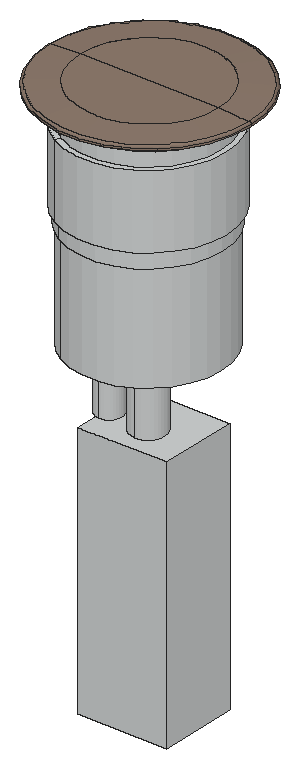
Revit family "Electrical_Equipment-Poke_Through-Hubbell_Wiring-System_One-S1R4", category Electrical Fixtures, host Face, Revit 2015
Parameters (values of type "Standard")
  Voltage = 120 V
  URL = "http://www.hubbell-wiring.com/"
  Sub plate [instance] = S1R4SPQUAD : S1R4SPQUAD
  Product data url = "https://bimobject.com/hubbellwiring/product/systemone-s1r4"
  Product Page URL = "http://ecatalog.hubbell-wiring.com/productinformation/viewcatalog.aspx?Dest=hubbell-wiring.com/press/catalog/P.pdf"
  Power Factor = 1
  Poke Through Cover [instance] = Metal-Hubbell-Bronze
  Number of Poles = 1
  Model = "S1R4PT"
  Manufacturer Phone = "475.882.4800"  # constant formula
  Manufacturer Fax = "203.882.4849"  # constant formula
  Manufacturer = "Hubbell Wiring Device Kellems"  # constant formula
  Hardware Finish = Metal-Hubbell-Aluminum
  Electrical Connector Description = "Power Connector"  # constant formula
  Description = "System One - 4 inch Poke Through"  # constant formula
  Default Elevation = 48.00"
  Conduit Connector 5 Description = "Conduit Connector 5"  # constant formula
  Conduit Connector 4 Description = "Conduit Connector 4"  # constant formula
  Conduit Connector 3 Description = "Conduit Connector 3"  # constant formula
  Conduit Connector 2 Description = "Conduit Connector 2"  # constant formula
  Conduit Connector 1 Description = "Conduit Connector 1"  # constant formula
  Assembly Code = "D5020115"
  Apparent Load = 2400 VA
  Annotation = yes
Reference planes (in)
  plane 1 "Center (Front/Back)": y = 0
  plane 2: z = 0
  plane 3 "Center (Left/Right)": x = 0
  plane 4: z = -3.24443
  plane 5: x = -2.34375
  plane 6: x = 2.13276
  plane 7: x = -2.13276
  plane 8: x = 0.46032
  plane 9: x = -0.46032
  plane 10: y = 2.01613
  plane 11: y = -2.01613
Lines and regions (in)
  symbolic lines
    curve 1: line (2.34375, 0, -0.25) -> (-2.34375, 0, -0.25)
    curve 2: line (2.34375, 0, 0.1513) -> (2.34375, 0, -0.25)
    curve 3: line (-2.34375, 0, 0.1513) -> (2.34375, 0, 0.1513)
    curve 4: line (-2.34375, 0, -0.25) -> (-2.34375, 0, 0.1513)
    curve 5: line (2.13276, 0, -0.25) -> (2.13276, 0, -6.18)
    curve 6: line (2.13276, 0, -6.18) -> (-2.13276, 0, -6.18)
    curve 7: line (-2.13276, 0, -6.18) -> (-2.13276, 0, -0.25)
    curve 11: arc (-2.75, 0.05915, 0) -> (0, 2.80915, 0) -> (2.75, 0.05915, 0) r 2.75
    curve 12: arc (2.75, 0.05915, 0) -> (0, -2.69085, 0) -> (-2.75, 0.05915, 0) r 2.75
    curve 33: line (0, 2.4029, -0.25) -> (0, -2.32151, -0.25)
    curve 34: line (0, 2.4029, 0.1513) -> (0, 2.4029, -0.25)
    curve 35: line (0, -2.32151, 0.1513) -> (0, 2.4029, 0.1513)
    curve 36: line (0, -2.32151, -0.25) -> (0, -2.32151, 0.1513)
    curve 37: line (0, 2.01613, -6.18) -> (0, 2.01613, -0.25)
    curve 38: line (0, -2.01613, -6.18) -> (0, 2.01613, -6.18)
    curve 39: line (0, -2.01613, -0.25) -> (0, -2.01613, -6.18)
  symbolic lines, detail levels medium+fine
    curve 8: line (0.46032, 0, -8.28574) -> (-0.46032, 0, -8.28574)
    curve 9: line (0.46032, 0, -6.18) -> (0.46032, 0, -8.28574)
    curve 10: line (-0.46032, 0, -8.28574) -> (-0.46032, 0, -6.18)
    curve 13: arc (1.88, 0.05915, 0) -> (0, -1.82085, 0) -> (-1.88, 0.05915, 0) r 1.88
    curve 14: arc (-1.88, 0.05915, 0) -> (0, 1.93915, 0) -> (1.88, 0.05915, 0) r 1.88
    curve 40: line (0, 0.96907, -6.18) -> (0, 0.96907, -8.28574)
    curve 41: line (0, 0.96907, -8.28574) -> (0, -0.99943, -8.28574)
    curve 42: line (0, -0.99943, -8.28574) -> (0, -0.99943, -6.18)
  symbolic lines, detail levels fine
    curve 15: line (-0.39579, 0.86915, 0) -> (0.52356, 0.86915, 0)
    curve 16: line (0.58356, 0.80915, 0) -> (0.58356, 0.46409, 0)
    curve 17: arc (0.58356, 0.80915, 0) -> (0.56598, 0.85158, 0) -> (0.52356, 0.86915, 0) r 0.06
    curve 18: arc (0.7485, 0.29915, 0) -> (0.63187, 0.34746, 0) -> (0.58356, 0.46409, 0) r 0.16494
    curve 19: line (0.7485, 0.29915, 0) -> (0.7485, -0.19527, 0)
    curve 20: arc (0.58356, -0.36022, 0) -> (0.63187, -0.24358, 0) -> (0.7485, -0.19527, 0) r 0.16494
    curve 21: line (0.58356, -0.36022, 0) -> (0.58356, -0.69085, 0)
    curve 22: arc (0.58356, -0.69085, 0) -> (0.56598, -0.73327, 0) -> (0.52356, -0.75085, 0) r 0.06
    curve 23: line (0.52356, -0.75085, 0) -> (-0.3507, -0.75085, 0)
    curve 24: arc (-0.3507, -0.75085, 0) -> (-0.67812, -0.63168, 0) -> (-0.85234, -0.32992, 0) r 0.50938
    curve 25: arc (-0.85234, -0.32992, 0) -> (-0.90214, -0.27233, 0) -> (-0.9752, -0.25085, 0) r 0.13498
    curve 26: line (-0.9752, -0.25085, 0) -> (-1.04826, -0.25085, 0)
    curve 27: arc (-1.04826, -0.25085, 0) -> (-1.0921, -0.23269, 0) -> (-1.11026, -0.18885, 0) r 0.062
    curve 28: line (-1.11026, -0.18885, 0) -> (-1.11026, 0.30915, 0)
    curve 29: arc (-1.04826, 0.37115, 0) -> (-1.0921, 0.35299, 0) -> (-1.11026, 0.30915, 0) r 0.062
    curve 30: line (-0.9752, 0.37115, 0) -> (-1.04826, 0.37115, 0)
    curve 31: arc (-0.85234, 0.45023, 0) -> (-0.90214, 0.39263, 0) -> (-0.9752, 0.37115, 0) r 0.13498
    curve 32: arc (-0.39579, 0.86915, 0) -> (-0.69509, 0.73709, 0) -> (-0.85234, 0.45023, 0) r 0.50938
  reference lines
    curve 43: line (0, 0, 0.1513) -> (2.34375, 0, 0.1513)
    curve 44: line (2.13276, 0, -6.18) -> (0.46032, 0, -6.18)
    curve 45: line (0.46032, 0, -6.18) -> (0.46032, 0, -8.28574)
    curve 46: line (0.46032, 0, -8.28574) -> (0, 0, -8.28574)
    curve 47: line (0, 0, 0.1513) -> (0, 0, -8.28574)
    curve 48: line (2.34375, 0, 0.1513) -> (2.34375, 0, -0.25)
    curve 49: line (2.34375, 0, -0.25) -> (2.13276, 0, -0.25)
    curve 50: line (2.13276, 0, -0.25) -> (2.13276, 0, -6.18)
Dimensions and locks (in)
  aligned and locked: plane 2 to host face
  aligned and locked: level to host face
  aligned and locked: plane 3 "Center (Left/Right)" to nested 1
  aligned and locked: plane 3 "Center (Left/Right)" to nested 2
  aligned and locked: nested 2 to nested 1
  aligned and locked: plane 1 "Center (Front/Back)" to nested 2
  aligned and locked: plane 4 to nested 2
  aligned and locked: host face to nested 1
  aligned and locked: plane 3 "Center (Left/Right)" to nested 3
  aligned and locked: nested 2 to nested 3
  aligned and locked: curve 1 to nested 1
  aligned and locked: curve 2 to nested 1
  aligned and locked: curve 3 to nested 1
  aligned and locked: plane 5 to nested 1
  aligned and locked: curve 4 to plane 5
  aligned and locked: curve 5 to plane 6
  aligned and locked: curve 7 to plane 7
  aligned and locked: curve 6 to nested 2
  aligned and locked: curve 8 to nested 2
  aligned and locked: curve 9 to plane 8
  aligned and locked: curve 10 to plane 9
  aligned and locked: curve 11 to nested 1
  aligned and locked: curve 12 to nested 1
  aligned and locked: curve 13 to nested 1
  aligned and locked: curve 14 to nested 1
  aligned and locked: curve 15 to nested 1
  aligned and locked: curve 16 to nested 1
  aligned and locked: curve 17 to nested 1
  aligned and locked: curve 18 to nested 1
  aligned and locked: curve 19 to nested 1
  aligned and locked: curve 20 to nested 1
  aligned and locked: curve 21 to nested 1
  aligned and locked: curve 22 to nested 1
  aligned and locked: curve 23 to nested 1
  aligned and locked: curve 24 to nested 1
  aligned and locked: curve 25 to nested 1
  aligned and locked: curve 26 to nested 1
  aligned and locked: curve 27 to nested 1
  aligned and locked: curve 28 to nested 1
  aligned and locked: curve 29 to nested 1
  aligned and locked: curve 30 to nested 1
  aligned and locked: curve 31 to nested 1
  aligned and locked: curve 32 to nested 1
  aligned and locked: curve 33 to nested 1
  aligned and locked: curve 35 to nested 1
  aligned and locked: curve 37 to plane 10
  aligned and locked: curve 38 to nested 2
  aligned and locked: nested 2 to curve 41
  aligned and locked: plane 3 "Center (Left/Right)" to nested 4
  aligned and locked: plane 1 "Center (Front/Back)" to nested 4
  aligned and locked: curve 47 to plane 3 "Center (Left/Right)"
  aligned and locked: curve 3 to curve 43
  aligned and locked: curve 48 to curve 2
  aligned and locked: curve 9 to curve 45
  aligned and locked: curve 46 to curve 8
  aligned and locked: curve 50 to curve 5
  aligned and locked: curve 44 to curve 6
  aligned and locked: plane 3 "Center (Left/Right)" to nested 5
  aligned and locked: plane 1 "Center (Front/Back)" to nested 5
  aligned and locked: nested 2 to nested 5
Nested families (in)
  nested 1: "Poke Through Cover" at (0, 0.05915, 0), type "S1R4CVRGRY"
  nested 2: "Poke-Through Fitting" at (0, 0, -1.42), type "Poke"
  nested 3: "Junction Box" at (0, 0.19685, -8.28574), type "Junction Box", detail levels medium+fine
  nested 4: "label" at (0, 0, 0), visible <- "Annotation", type "Fire Poke Through"
  nested 5: "S1R4SPQUAD" at (0, 0, -2.80822), type <- "Sub plate", type "S1R4SPQUAD", detail levels medium+fine
Connectors (in)
  electrical at (0, 0.19685, -15.23574), driven by "Electrical Connector Description", driven by "Voltage", driven by "Power Factor", driven by "Apparent Load", driven by "Number of Poles"
    settings: on nested 3, index 4, voltage 120 V, apparent load 0 VA, apparent load phase1 2400 VA, apparent load phase2 0 VA, apparent load phase3 0 VA, power factor 1, load classification "Power", number of poles 1, system type 30, power factor state 1, is connector primary yes, connector utility no, sub classification motor no, connector description "Power Connector"
  cabletrayconduit at (0, 1.26185, -11.76074), diameter 24, driven by "Conduit Connector 2 Description"
    settings: on nested 3, index 6, connector width 12.00", connector height 12.00", connector angle 0.00°, system type 32, placement type 1, profile type 0, connector reference index -1, is primary connector yes, connector utility param no, connector description "Conduit Connector 2"
  cabletrayconduit at (0, -0.86815, -11.76074), diameter 24, driven by "Conduit Connector 1 Description"
    settings: on nested 3, index 7, connector width 12.00", connector height 12.00", connector angle 0.00°, system type 32, placement type 1, profile type 0, connector reference index -1, is primary connector no, connector utility param no, connector description "Conduit Connector 1"
  cabletrayconduit at (1.205, 0.19685, -11.76074), diameter 24, driven by "Conduit Connector 3 Description"
    settings: on nested 3, index 8, connector width 12.00", connector height 12.00", connector angle 0.00°, system type 32, placement type 1, profile type 0, connector reference index -1, is primary connector no, connector utility param no, connector description "Conduit Connector 3"
  cabletrayconduit at (0.00091, 1.31695, -7.28574), diameter 0.72, driven by "Conduit Connector 4 Description"
    settings: on nested 2, index 9, connector width 12.00", connector height 12.00", connector angle 0.00°, system type 32, placement type 0, profile type 0, connector reference index -1, is primary connector no, connector utility param no, connector description "Conduit Connector 4"
  cabletrayconduit at (0.00091, -1.31799, -7.28574), diameter 0.72, driven by "Conduit Connector 5 Description"
    settings: on nested 2, index 10, connector width 12.00", connector height 12.00", connector angle 0.00°, system type 32, placement type 0, profile type 0, connector reference index -1, is primary connector no, connector utility param no, connector description "Conduit Connector 5"
Definition of nested family "Poke Through Cover"
  Parameters
    URL = ""
    Type Comments = ""
    Poke Through Cover = none
    Model = ""
    Manufacturer = ""
    Description = ""
    Default Elevation = 0.00"
    Cost = 0
  Reference planes (in)
    plane 1: y = 0
    plane 2: z = 0
    plane 3: x = 0
  Forms (in)
    Revolve 1, solid, material <- "Poke Through Cover"
      sketch origin (-25, 0, -0.04) x (0, 0, 1) y (1, 0, 0)
        loop
          line (0.1913, 26.88) -> (0.14354, 27.68989)
          arc (0.14354, 27.68989) -> (0.12594, 27.73239) -> (0.08343, 27.75) r 0.06011
          line (0.08343, 27.75) -> (0.04, 27.75) -> (0.04, 27.34375) -> (-0.21, 27.34375) -> (-0.21, 26.91723) -> (-0.56759, 26.91723) -> (-0.56759, 25) -> (0.1913, 25) -> (0.1913, 26.88)
        axis (-0.56759, 25) -> (0.1913, 25)
      angle from 0 to 360
  Lines and regions (in)
    reference lines
      curve 1: line (2.34375, 0, -0.25) -> (1.95698, 0, -0.25)
      curve 2: line (2.34375, 0, 0) -> (2.34375, 0, -0.25)
      curve 3: line (2.75, 0, 0) -> (2.34375, 0, 0)
      curve 4: line (2.75, 0, 0.04343) -> (2.75, 0, 0)
      curve 5: line (1.95698, 0, -0.60759) -> (1.88472, 0, -0.60759)
      curve 6: line (1.95698, 0, -0.60759) -> (1.95698, 0, -0.25)
      curve 7: line (1.86482, 0, 0.15219) -> (2.68989, 0, 0.10354)
      curve 8: line (1.88472, 0, -0.60759) -> (1.86482, 0, 0.15219)
      curve 9: arc (2.75, 0, 0.04343) -> (2.73239, 0, 0.08594) -> (2.68989, 0, 0.10354) r 0.06011
      curve 10: line (0.52356, -0.81, 0) -> (-0.3507, -0.81, 0)
      curve 11: line (-0.9752, -0.31, 0) -> (-1.04826, -0.31, 0)
      curve 12: line (-1.11026, -0.248, 0) -> (-1.11026, 0.25, 0)
      curve 13: line (-0.39579, 0.81, 0) -> (0.52356, 0.81, 0)
      curve 14: line (0.58356, 0.75, 0) -> (0.58356, 0.40494, 0)
      curve 15: line (0.7485, 0.24, 0) -> (0.7485, -0.25443, 0)
      curve 16: line (0.58356, -0.41937, 0) -> (0.58356, -0.75, 0)
      curve 17: arc (-0.3507, -0.81, 0) -> (-0.67812, -0.69083, 0) -> (-0.85234, -0.38908, 0) r 0.50938
      curve 18: arc (-0.85234, -0.38908, 0) -> (-0.90214, -0.33148, 0) -> (-0.9752, -0.31, 0) r 0.13498
      curve 19: arc (-1.04826, -0.31, 0) -> (-1.0921, -0.29184, 0) -> (-1.11026, -0.248, 0) r 0.062
      curve 20: arc (0.58356, -0.41937, 0) -> (0.63187, -0.30274, 0) -> (0.7485, -0.25443, 0) r 0.16494
      curve 21: arc (0.7485, 0.24, 0) -> (0.63187, 0.28831, 0) -> (0.58356, 0.40494, 0) r 0.16494
      curve 22: arc (0.58356, 0.75, 0) -> (0.56598, 0.79243, 0) -> (0.52356, 0.81, 0) r 0.06
      curve 23: arc (0.58356, -0.75, 0) -> (0.56598, -0.79243, 0) -> (0.52356, -0.81, 0) r 0.06
      curve 24: line (-0.9752, 0.312, 0) -> (-1.04826, 0.312, 0)
      curve 25: arc (-0.39579, 0.81, 0) -> (-0.69509, 0.67794, 0) -> (-0.85234, 0.39108, 0) r 0.50938
      curve 26: arc (-0.85234, 0.39108, 0) -> (-0.90214, 0.33348, 0) -> (-0.9752, 0.312, 0) r 0.13498
      curve 27: arc (-1.04826, 0.312, 0) -> (-1.0921, 0.29384, 0) -> (-1.11026, 0.25, 0) r 0.062
    model lines, detail levels fine
      curve 28: line (-1.11026, -0.248, 0.1513) -> (-1.11026, 0.25, 0.1513)
      curve 29: arc (-1.04826, 0.312, 0.1513) -> (-1.0921, 0.29384, 0.1513) -> (-1.11026, 0.25, 0.1513) r 0.062
      curve 30: line (-0.9752, 0.312, 0.1513) -> (-1.04826, 0.312, 0.1513)
      curve 31: arc (-0.85234, 0.39108, 0.1513) -> (-0.90214, 0.33348, 0.1513) -> (-0.9752, 0.312, 0.1513) r 0.13498
      curve 32: arc (-0.39579, 0.81, 0.1513) -> (-0.69509, 0.67794, 0.1513) -> (-0.85234, 0.39108, 0.1513) r 0.50938
      curve 33: line (-0.39579, 0.81, 0.1513) -> (0.52356, 0.81, 0.1513)
      curve 34: arc (0.58356, 0.75, 0.1513) -> (0.56598, 0.79243, 0.1513) -> (0.52356, 0.81, 0.1513) r 0.06
      curve 35: line (0.58356, 0.75, 0.1513) -> (0.58356, 0.40494, 0.1513)
      curve 36: arc (0.7485, 0.24, 0.1513) -> (0.63187, 0.28831, 0.1513) -> (0.58356, 0.40494, 0.1513) r 0.16494
      curve 37: line (0.7485, 0.24, 0.1513) -> (0.7485, -0.25443, 0.1513)
      curve 38: arc (0.58356, -0.41937, 0.1513) -> (0.63187, -0.30274, 0.1513) -> (0.7485, -0.25443, 0.1513) r 0.16494
      curve 39: line (0.58356, -0.41937, 0.1513) -> (0.58356, -0.75, 0.1513)
      curve 40: arc (0.58356, -0.75, 0.1513) -> (0.56598, -0.79243, 0.1513) -> (0.52356, -0.81, 0.1513) r 0.06
      curve 41: line (0.52356, -0.81, 0.1513) -> (-0.3507, -0.81, 0.1513)
      curve 42: arc (-0.3507, -0.81, 0.1513) -> (-0.67812, -0.69083, 0.1513) -> (-0.85234, -0.38908, 0.1513) r 0.50938
      curve 43: arc (-0.85234, -0.38908, 0.1513) -> (-0.90214, -0.33148, 0.1513) -> (-0.9752, -0.31, 0.1513) r 0.13498
      curve 44: line (-0.9752, -0.31, 0.1513) -> (-1.04826, -0.31, 0.1513)
      curve 45: arc (-1.04826, -0.31, 0.1513) -> (-1.0921, -0.29184, 0.1513) -> (-1.11026, -0.248, 0.1513) r 0.062
  Dimensions and locks (in)
    aligned and locked: curve 7 to Revolve 1 sketch curve
    aligned and locked: curve 5 to Revolve 1 sketch curve
    aligned and locked: Revolve 1 sketch curve to curve 1
    aligned and locked: Revolve 1 sketch curve to curve 2
    aligned and locked: Revolve 1 sketch curve to curve 3
    aligned and locked: Revolve 1 sketch curve to curve 4
    aligned and locked: Revolve 1 sketch curve to curve 9
    aligned and locked: Revolve 1 sketch curve to plane 3
    aligned and locked: plane 3 to Revolve 1 sketch curve
    aligned and locked: curve 28 to curve 12
    aligned and locked: curve 29 to curve 27
    aligned and locked: curve 30 to curve 24
    aligned and locked: curve 31 to curve 26
    aligned and locked: curve 32 to curve 25
    aligned and locked: curve 33 to curve 13
    aligned and locked: curve 34 to curve 22
    aligned and locked: curve 35 to curve 14
    aligned and locked: curve 36 to curve 21
    aligned and locked: curve 37 to curve 15
    aligned and locked: curve 38 to curve 20
    aligned and locked: curve 39 to curve 16
    aligned and locked: curve 40 to curve 23
    aligned and locked: curve 41 to curve 10
    aligned and locked: curve 42 to curve 17
    aligned and locked: curve 43 to curve 18
    aligned and locked: curve 44 to curve 11
    aligned and locked: curve 45 to curve 19
Definition of nested family "Poke-Through Fitting"
  Parameters
    URL = ""
    Type Comments = ""
    Model = ""
    Material = none
    Manufacturer = "Hubbell Wiring Devices"
    Description = ""
    Default Elevation = 0.00"
    Cost = 0
  Reference planes (in)
    plane 1: y = 0
    plane 2: z = 0
    plane 3: x = 0
    plane 4: z = -5.86574
    plane 5: z = -6.86574
    plane 6: z = 1.17
  Forms (in)
    Revolve 1, solid, material <- "Material"
      sketch origin (0.00049, -0.00125, 0.81098) x (-0.5, -0.866025, 0) y (0, 0, 1)
        loop
          line (-1.82246, -5.57098) -> (-1.82246, 0.35902) -> (-1.98033, 0.35902) -> (-1.98033, -0.1992) -> (-2.13269, -0.1992) -> (-2.13269, -2.1992) -> (-2.0388, -2.1992) -> (-2.0388, -2.63541) -> (-1.98033, -2.63541) -> (-1.98033, -5.57098) -> (-1.82246, -5.57098)
        axis (-0.00084, 0.35902) -> (-0.00084, -5.57098)
      angle from 0 to 360
    Extrusion 2, solid, material <- "Material"
      sketch origin (0.00091, -0.00052, -4.76) x (0.866025, -0.5, 0) y (-0.5, -0.866025, 0)
        loop
          circle (0, 0) r 1.82161
      from 0 to -0.12839
    Extrusion 3, solid, material <- "Material"
      sketch origin (0, 0, -4.76) x (1, 0, 0) y (0, 1, 0)
        loop
          circle (0.00091, 1.31695) r 0.31234
        loop
          circle (0.00091, 1.31695) r 0.34787
        loop
          circle (0.00091, -1.31799) r 0.31234
        loop
          circle (0.00091, -1.31799) r 0.34787
      from 0 to -1.10574
    Extrusion 4, solid, material <- "Material"
      sketch origin (0, 0, -4.76) x (1, 0, 0) y (0, 1, 0)
        loop
          circle (0.00091, -0.00052) r 0.40932
        loop
          circle (0.00091, -0.00052) r 0.45941
      from 0 to -2.10574
  Cuts and joins
    joined: Revolve 1, Extrusion 2
  Dimensions and locks (in)
    aligned and locked: Revolve 1 sketch curve to Revolve 1 sketch curve  (x3)
    aligned and locked: plane 4 to Extrusion 3
    aligned and locked: Extrusion 4 to plane 5
Definition of nested family "Junction Box"
  Parameters
    Hardware Material = none
    Assembly Code = ""
  Reference planes (in)
    plane 1 "Center (Front/Back)": y = 0
    plane 2: z = 0
    plane 3 "Center (Left/Right)": x = 0
  Forms (in)
    Extrusion 1, solid, material <- "Hardware Material", detail levels medium+fine
      sketch origin (0.63008, -7.06277, -6.95) x (1, 0, 0) y (0, 1, 0)
        loop
          line (-1.83508, 5.99777) -> (0.57492, 5.99777) -> (0.57492, 8.12777) -> (-1.83508, 8.12777) -> (-1.83508, 5.99777)
      from 0 to 6.95
  Lines and regions (in)
    model lines, detail levels fine
      curve 1: arc (1.205, 0.5, -1.475) -> (1.205, 0, -0.975) -> (1.205, -0.5, -1.475) r 0.5
      curve 2: arc (1.205, -0.5, -1.475) -> (1.205, 0, -1.975) -> (1.205, 0.5, -1.475) r 0.5
      curve 3: arc (1.205, 0.75, -3.475) -> (1.205, 0, -2.725) -> (1.205, -0.75, -3.475) r 0.75
      curve 4: arc (1.205, -0.75, -3.475) -> (1.205, 0, -4.225) -> (1.205, 0.75, -3.475) r 0.75
      curve 5: arc (1.205, 0.5, -5.475) -> (1.205, 0, -4.975) -> (1.205, -0.5, -5.475) r 0.5
      curve 6: arc (1.205, -0.5, -5.475) -> (1.205, 0, -5.975) -> (1.205, 0.5, -5.475) r 0.5
      curve 7: arc (0.5, -1.065, -1.475) -> (0, -1.065, -0.975) -> (-0.5, -1.065, -1.475) r 0.5
      curve 8: arc (-0.5, -1.065, -1.475) -> (0, -1.065, -1.975) -> (0.5, -1.065, -1.475) r 0.5
      curve 9: arc (0.75, -1.065, -3.475) -> (0, -1.065, -2.725) -> (-0.75, -1.065, -3.475) r 0.75
      curve 10: arc (-0.75, -1.065, -3.475) -> (0, -1.065, -4.225) -> (0.75, -1.065, -3.475) r 0.75
      curve 11: arc (0.5, -1.065, -5.475) -> (0, -1.065, -4.975) -> (-0.5, -1.065, -5.475) r 0.5
      curve 12: arc (-0.5, -1.065, -5.475) -> (0, -1.065, -5.975) -> (0.5, -1.065, -5.475) r 0.5
      curve 13: arc (-0.5, 1.065, -1.475) -> (0, 1.065, -0.975) -> (0.5, 1.065, -1.475) r 0.5
      curve 14: arc (0.5, 1.065, -1.475) -> (0, 1.065, -1.975) -> (-0.5, 1.065, -1.475) r 0.5
      curve 15: arc (-0.75, 1.065, -3.475) -> (0, 1.065, -2.725) -> (0.75, 1.065, -3.475) r 0.75
      curve 16: arc (0.75, 1.065, -3.475) -> (0, 1.065, -4.225) -> (-0.75, 1.065, -3.475) r 0.75
      curve 17: arc (-0.5, 1.065, -5.475) -> (0, 1.065, -4.975) -> (0.5, 1.065, -5.475) r 0.5
      curve 18: arc (0.5, 1.065, -5.475) -> (0, 1.065, -5.975) -> (-0.5, 1.065, -5.475) r 0.5
      curve 19: arc (-0.5, 1.065, -5.475) -> (0, 1.065, -4.975) -> (0.5, 1.065, -5.475) r 0.5
  Dimensions and locks (in)
    aligned and locked: plane 2 to level
Definition of nested family "label"
  Parameters
    Label = "FPT"
    Annotation = yes
  Reference planes (in)
    plane 1: y = 0
    plane 2: x = 0
  Lines and regions (in)
    detail lines, visible <- "Annotation"
      curve 1: line (-0.16842, 0.24626, 0) -> (-0.16842, 0.06462, 0)
      curve 2: line (-0.16842, 0.06462, 0) -> (0.16842, 0.06462, 0)
      curve 3: line (0.16842, 0.06462, 0) -> (0.16842, 0.24626, 0)
      curve 4: line (0.16842, 0.24626, 0) -> (-0.16842, 0.24626, 0)
      curve 5: line (-0.05859, 0, 0) -> (0.05859, 0, 0)
      curve 6: line (0, 0, 0) -> (0, 0.06462, 0)
  Text (in)
    label "OS" at (-0.00197, 0.15314, 0), shows "Label", visible <- "Annotation"
  Dimensions and locks (in)
    curve 4 to curve 2 to plane 1 = 0.18164" locked, 0.06462" locked
    equal spacing: curve 1, plane 2, curve 3, locked at 0.16842 each
    aligned and locked: plane 2 to curve 6
    aligned and locked: plane 1 to curve 5
Definition of nested family "S1R4SPQUAD"
  Parameters
    URL = ""
    Type Comments = ""
    Model = ""
    Manufacturer = ""
    Description = ""
    Default Elevation = 0.00"
    Cost = 0
  Reference planes (in)
    plane 1: y = 0
    plane 2: z = 0
    plane 3: x = 0
  Lines and regions (in)
    model lines
      curve 1: line (-0.71973, 1.0492, 0) -> (-1.17173, 0.5972, 0)
      curve 2: line (-0.44528, 1.06137, 0) -> (-0.69034, 1.06137, 0)
      curve 3: line (-0.17657, 0.80989, 0) -> (-0.41588, 1.0492, 0)
      curve 4: line (-0.1644, 0.53543, 0) -> (-0.1644, 0.78049, 0)
      curve 5: line (-0.39234, 0.29027, 0) -> (-0.17657, 0.50604, 0)
      curve 6: line (-0.27678, 0.17471, 0) -> (-0.39234, 0.29027, 0)
      curve 7: line (-0.34517, 0.04753, 0) -> (-0.27678, 0.11592, 0)
      curve 8: line (-0.65145, 0.03535, 0) -> (-0.37457, 0.03535, 0)
      curve 9: line (-1.17173, 0.53841, 0) -> (-0.68084, 0.04753, 0)
      curve 10: line (-0.71973, 1.0492, 0) -> (-1.17173, 0.5972, 0)
      curve 11: line (0.298, 1.08864, 0) -> (0.3876, 1.17824, 0)
      curve 12: line (0.41699, 1.19042, 0) -> (0.65145, 1.19042, 0)
      curve 13: line (0.68084, 1.17824, 0) -> (1.17173, 0.68736, 0)
      curve 14: line (1.17173, 0.62857, 0) -> (0.71973, 0.17657, 0)
      curve 15: line (0.69034, 0.1644, 0) -> (0.44528, 0.1644, 0)
      curve 16: line (0.41588, 0.17657, 0) -> (0.17657, 0.41588, 0)
      curve 17: line (0.1644, 0.44528, 0) -> (0.1644, 0.70756, 0)
      curve 18: line (0.1644, 0.70756, 0) -> (0.39234, 0.9355, 0)
      curve 19: line (0.39234, 0.9355, 0) -> (0.298, 1.02985, 0)
      curve 20: line (0.298, 1.08864, 0) -> (0.3876, 1.17824, 0)
      curve 21: line (0.65145, -0.03535, 0) -> (0.37457, -0.03535, 0)
      curve 22: line (1.17173, -0.53841, 0) -> (0.68084, -0.04753, 0)
      curve 23: line (0.71973, -1.0492, 0) -> (1.17173, -0.5972, 0)
      curve 24: line (0.44528, -1.06137, 0) -> (0.69034, -1.06137, 0)
      curve 25: line (0.17657, -0.80989, 0) -> (0.41588, -1.0492, 0)
      curve 26: line (0.1644, -0.51821, 0) -> (0.1644, -0.78049, 0)
      curve 27: line (0.39234, -0.29027, 0) -> (0.1644, -0.51821, 0)
      curve 28: line (0.27678, -0.17471, 0) -> (0.39234, -0.29027, 0)
      curve 29: line (0.34517, -0.04753, 0) -> (0.27678, -0.11592, 0)
      curve 30: line (-0.17657, -0.41588, 0) -> (-0.41588, -0.17657, 0)
      curve 31: line (-0.1644, -0.69034, 0) -> (-0.1644, -0.44528, 0)
      curve 32: line (-0.39234, -0.9355, 0) -> (-0.17657, -0.71973, 0)
      curve 33: line (-0.298, -1.02985, 0) -> (-0.39234, -0.9355, 0)
      curve 34: line (-0.3876, -1.17824, 0) -> (-0.298, -1.08864, 0)
      curve 35: line (-0.65145, -1.19042, 0) -> (-0.41699, -1.19042, 0)
      curve 36: line (-1.17173, -0.68736, 0) -> (-0.68084, -1.17824, 0)
      curve 37: line (-0.71973, -0.17657, 0) -> (-1.17173, -0.62857, 0)
      curve 38: line (-0.44528, -0.1644, 0) -> (-0.69034, -0.1644, 0)
      curve 39: arc (-1.17173, -0.68736, 0) -> (-1.1839, -0.65796, 0) -> (-1.17173, -0.62857, 0) r 0.04157
      curve 40: arc (-0.68084, -1.17824, 0) -> (-0.66735, -1.18725, 0) -> (-0.65145, -1.19042, 0) r 0.04157
      curve 41: arc (-0.41699, -1.19042, 0) -> (-0.40108, -1.18725, 0) -> (-0.3876, -1.17824, 0) r 0.04157
      curve 42: arc (-0.298, -1.08864, 0) -> (-0.28582, -1.05925, 0) -> (-0.298, -1.02985, 0) r 0.04157
      curve 43: arc (-0.17657, -0.71973, 0) -> (-0.16756, -0.70625, 0) -> (-0.1644, -0.69034, 0) r 0.04157
      curve 44: arc (-0.1644, -0.44528, 0) -> (-0.16756, -0.42937, 0) -> (-0.17657, -0.41588, 0) r 0.04157
      curve 45: arc (-0.71973, -0.17657, 0) -> (-0.70625, -0.16756, 0) -> (-0.69034, -0.1644, 0) r 0.04157
      curve 46: arc (-0.44528, -0.1644, 0) -> (-0.42937, -0.16756, 0) -> (-0.41588, -0.17657, 0) r 0.04157
      curve 47: arc (-1.17173, 0.53841, 0) -> (-1.1839, 0.56781, 0) -> (-1.17173, 0.5972, 0) r 0.04157
      curve 48: arc (-0.37457, 0.03535, 0) -> (-0.35866, 0.03852, 0) -> (-0.34517, 0.04753, 0) r 0.04157
      curve 49: arc (-0.27678, 0.11592, 0) -> (-0.26461, 0.14531, 0) -> (-0.27678, 0.17471, 0) r 0.04157
      curve 50: arc (-0.68084, 0.04753, 0) -> (-0.66735, 0.03852, 0) -> (-0.65145, 0.03535, 0) r 0.04157
      curve 51: arc (-0.71973, 1.0492, 0) -> (-0.70625, 1.05821, 0) -> (-0.69034, 1.06137, 0) r 0.04157
      curve 52: arc (-0.44528, 1.06137, 0) -> (-0.42937, 1.05821, 0) -> (-0.41588, 1.0492, 0) r 0.04157
      curve 53: arc (-0.17657, 0.80989, 0) -> (-0.16756, 0.7964, 0) -> (-0.1644, 0.78049, 0) r 0.04157
      curve 54: arc (-0.1644, 0.53543, 0) -> (-0.16756, 0.51952, 0) -> (-0.17657, 0.50604, 0) r 0.04157
      curve 55: arc (0.298, 1.08864, 0) -> (0.28582, 1.05925, 0) -> (0.298, 1.02985, 0) r 0.04157
      curve 56: arc (0.3876, 1.17824, 0) -> (0.40108, 1.18725, 0) -> (0.41699, 1.19042, 0) r 0.04157
      curve 57: arc (0.65145, 1.19042, 0) -> (0.66735, 1.18725, 0) -> (0.68084, 1.17824, 0) r 0.04157
      curve 58: arc (0.17657, 0.41588, 0) -> (0.16756, 0.42937, 0) -> (0.1644, 0.44528, 0) r 0.04157
      curve 59: arc (0.44528, 0.1644, 0) -> (0.42937, 0.16756, 0) -> (0.41588, 0.17657, 0) r 0.04157
      curve 60: arc (0.69034, 0.1644, 0) -> (0.70625, 0.16756, 0) -> (0.71973, 0.17657, 0) r 0.04157
      curve 61: arc (1.17173, 0.62857, 0) -> (1.1839, 0.65796, 0) -> (1.17173, 0.68736, 0) r 0.04157
      curve 62: arc (0.34517, -0.04753, 0) -> (0.35866, -0.03852, 0) -> (0.37457, -0.03535, 0) r 0.04157
      curve 63: arc (0.27678, -0.11592, 0) -> (0.26461, -0.14531, 0) -> (0.27678, -0.17471, 0) r 0.04157
      curve 64: arc (0.17657, -0.80989, 0) -> (0.16756, -0.7964, 0) -> (0.1644, -0.78049, 0) r 0.04157
      curve 65: arc (0.44528, -1.06137, 0) -> (0.42937, -1.05821, 0) -> (0.41588, -1.0492, 0) r 0.04157
      curve 66: arc (0.69034, -1.06137, 0) -> (0.70625, -1.05821, 0) -> (0.71973, -1.0492, 0) r 0.04157
      curve 67: arc (1.17173, -0.53841, 0) -> (1.1839, -0.56781, 0) -> (1.17173, -0.5972, 0) r 0.04157
      curve 68: arc (0.65145, -0.03535, 0) -> (0.66735, -0.03852, 0) -> (0.68084, -0.04753, 0) r 0.04157
      curve 69: arc (0.69176, 1.57465, 0) -> (-0.59552, 1.61351, 0) -> (-1.54889, 0.74766, 0) r 1.7199
      curve 70: arc (-1.54889, 0.74766, 0) -> (-1.60423, 0.67373, 0) -> (-1.68047, 0.62159, 0) r 0.28255
      curve 71: arc (-1.68047, 0.62159, 0) -> (-1.7025, 0.60539, 0) -> (-1.71657, 0.58193, 0) r 0.06942
      curve 72: arc (-1.71657, 0.58193, 0) -> (-1.77564, 0.372, 0) -> (-1.80577, 0.156, 0) r 1.60938
      curve 73: line (-1.80577, 0.156, 0) -> (-1.6405, 0.156, 0)
      curve 74: arc (-1.6405, 0.156, 0) -> (-1.4845, 0, 0) -> (-1.6405, -0.156, 0) r 0.156
      curve 75: line (-1.6405, -0.156, 0) -> (-1.80577, -0.156, 0)
      curve 76: arc (-1.80577, -0.156, 0) -> (-1.77564, -0.372, 0) -> (-1.71657, -0.58193, 0) r 1.60938
      curve 77: arc (-1.71657, -0.58193, 0) -> (-1.7025, -0.60539, 0) -> (-1.68047, -0.62159, 0) r 0.06942
      curve 78: arc (-1.68047, -0.62159, 0) -> (-1.60423, -0.67373, 0) -> (-1.54889, -0.74766, 0) r 0.28255
      curve 79: arc (-1.54889, -0.74766, 0) -> (-1.31763, -1.09597, 0) -> (-1.01727, -1.3868, 0) r 1.94469
      curve 80: arc (-1.01727, -1.3868, 0) -> (-0.73987, -1.28207, 0) -> (-0.69176, -1.57465, 0) r 0.19166
      curve 81: arc (-0.69176, -1.57465, 0) -> (0.59552, -1.61351, 0) -> (1.54889, -0.74766, 0) r 1.7199
      curve 82: arc (1.54889, -0.74766, 0) -> (1.60423, -0.67373, 0) -> (1.68047, -0.62159, 0) r 0.28255
      curve 83: arc (1.68047, -0.62159, 0) -> (1.7025, -0.60539, 0) -> (1.71657, -0.58193, 0) r 0.06942
      curve 84: arc (1.71657, -0.58193, 0) -> (1.77564, -0.372, 0) -> (1.80577, -0.156, 0) r 1.60938
      curve 85: line (1.80577, -0.156, 0) -> (1.6405, -0.156, 0)
      curve 86: arc (1.6405, -0.156, 0) -> (1.4845, 0, 0) -> (1.6405, 0.156, 0) r 0.156
      curve 87: line (1.6405, 0.156, 0) -> (1.80577, 0.156, 0)
      curve 88: arc (1.80577, 0.156, 0) -> (1.77564, 0.372, 0) -> (1.71657, 0.58193, 0) r 1.60938
      curve 89: arc (1.71657, 0.58193, 0) -> (1.7025, 0.60539, 0) -> (1.68047, 0.62159, 0) r 0.06942
      curve 90: arc (1.68047, 0.62159, 0) -> (1.60423, 0.67373, 0) -> (1.54889, 0.74766, 0) r 0.28255
      curve 91: arc (1.54889, 0.74766, 0) -> (1.31763, 1.09597, 0) -> (1.01727, 1.3868, 0) r 1.94469
      curve 92: arc (1.01727, 1.3868, 0) -> (0.73987, 1.28207, 0) -> (0.69176, 1.57465, 0) r 0.19166
